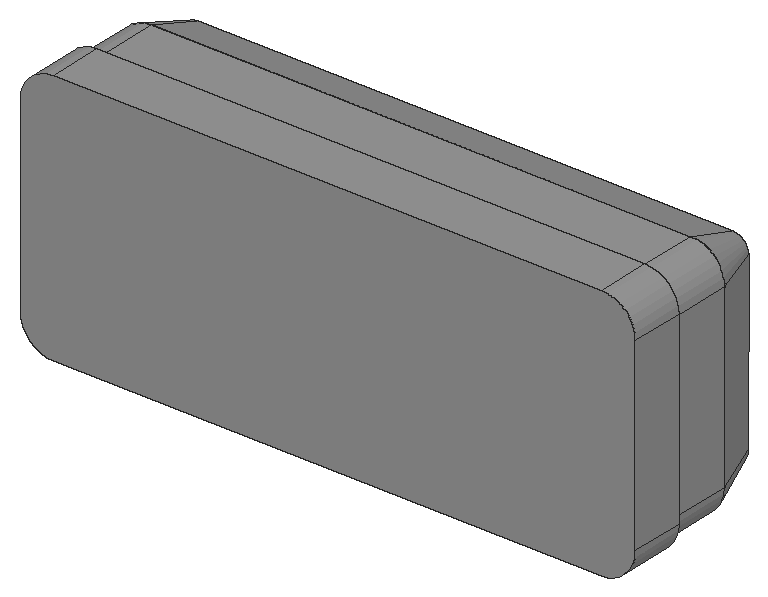
Revit family "IEK_РозеткаСетевая_ОткрытойУстановки_C ЗК 16А трехместная IP20_ОКТАВА", category Электрические приборы, Revit 2019
Family settings
  Сохранять ориентацию аннотаций = Да
  Размер круглого соединителя = Использовать диаметр
  Тип детали = Нормальный
  На основе рабочей плоскости = Нет
  Всегда вертикально = Да
  При загрузке вырезать с полостями = Нет
  Общий = Нет
  Точка расчета площади = Нет
Parameters (values of type "РС23-3-ОБ")
  Ширина = 147 mm  # constant formula
  Тип монтажа = "Поверхность монтажа (открытая установка)"  # constant formula
  Степень защиты = "IP20"  # constant formula
  Изготовитель = "IEK"  # constant formula
  Дата изменения = ""
  Глубина = 40.5 mm  # constant formula
  Высота = 61 mm  # constant formula
  ΔХ [instance] = 2000 mm
  ΔY [instance] = 2000 mm
  KSI_CPr_Строительные изделия = "20.4.03.04 20.4.03.05 20.4.03.06"  # constant formula
  KSI_CMa_Строительные материалы = "01.7.14.03"  # constant formula
  IEK_Цена за единицу = 363.22
  IEK_Поиск в таблице имен = ""
  IEK_Описание = "Универсальный дизайн серии открытой установки \"ОКТАВА\" позволяет устанавливать изделия в квартирах, загородных домах, офисных и производственных помещениях."
  IEK_URL = "https://www.iek.ru/products/catalog/izdeliya_elektroustanovochnye_udliniteli_i_silovye_razemy/elektroustanovochnye_izdeliya/elektroustanovochnye_izdeliya_otkrytogo_montazha_ip20/elektroustanovochnye_izdeliya_oktava/elektroustanovochnye_izdeliya_oktava_tsvet_belyy/rozetka_3_mestnaya_dlya_otkrytoy_ustanovki_rs23_3_ob_s_zazemlyayushchim_kontaktom_16a_oktava_belyy_iek"
  ADSK_Ток [instance] = 16 A  # constant formula
  ADSK_Примечание = ""
  ADSK_Полная мощность [instance] = ADSK_Номинальная мощность / ADSK_Коэффициент мощности  # 3520 VA
  ADSK_Позиция [instance] = ""
  ADSK_Номинальная мощность [instance] = ADSK_Ток * ADSK_Напряжение * sqrt(ADSK_Количество фаз числовое) * ADSK_Коэффициент мощности  # 3520 W
  ADSK_Напряжение = 220 V
  ADSK_Наименование = "Розетка 3-местная для открытой установки РС23-3-ОБ с заземляющим контактом 16А ОКТАВА белый IEK"
  ADSK_Материал обозначение = ""
  ADSK_Материал наименование = "Пластик"  # constant formula
  ADSK_Материал = Цвет белый
  ADSK_Масса = 0.108  # constant formula
  ADSK_Марка = "ОКТАВА"  # constant formula
  ADSK_Коэффициент мощности [instance] = 1  # constant formula
  ADSK_Количество фаз числовое = 1
  ADSK_Количество фаз = 1
  ADSK_Код изделия = "ERO31-K01-16-DC"
  ADSK_Классификация нагрузок [instance] = Прочее
  ADSK_Завод-изготовитель = "IEK"  # constant formula
  ADSK_Единица измерения = "шт"  # constant formula
  ADSK_Группирование = "III ЭЛЕКТРОУСТАНОВОЧНЫЕ И ЭЛЕКТРОМОНТАЖНЫЕ ИЗДЕЛИЯ"  # constant formula
  ADSK_Версия семейства = "1.0"  # constant formula
  ADSK_Версия Revit = "2019"  # constant formula
  ADSK_URL страницы изделия = "https://www.iek.ru/products/catalog/izdeliya_elektroustanovochnye_udliniteli_i_silovye_razemy/elektroustanovochnye_izdeliya/elektroustanovochnye_izdeliya_otkrytogo_montazha_ip20/elektroustanovochnye_izdeliya_oktava/elektroustanovochnye_izdeliya_oktava_tsvet_dub/rozetka_3_mestnaya_dlya_otkrytoy_ustanovki_rs23_3_od_s_zazemlyayushchim_kontaktom_16a_oktava_dub_iek"
Types (3, lengths in mm): name | IEK_Цена за единицу | IEK_URL | ADSK_Наименование | ADSK_Материал | ADSK_Код изделия
  (no name) | 363.22 | "https://www.iek.ru/products/catalog/izdeliya_elektroustanovochnye_udliniteli_i_silovye_razemy/elektroustanovochnye_izdeliya/elektroustanovochnye_izdeliya_otkrytogo_montazha_ip20/elektroustanovochnye_izdeliya_oktava/elektroustanovochnye_izdeliya_oktava_tsvet_belyy/rozetka_3_mestnaya_dlya_otkrytoy_ustanovki_rs23_3_ob_s_zazemlyayushchim_kontaktom_16a_oktava_belyy_iek" | "Розетка 3-местная для открытой установки РС23-3-ОБ с заземляющим контактом 16А ОКТАВА белый IEK" | Цвет белый | "ERO31-K01-16-DC"
  РС23-3-ОБ | 363.22 | "https://www.iek.ru/products/catalog/izdeliya_elektroustanovochnye_udliniteli_i_silovye_razemy/elektroustanovochnye_izdeliya/elektroustanovochnye_izdeliya_otkrytogo_montazha_ip20/elektroustanovochnye_izdeliya_oktava/elektroustanovochnye_izdeliya_oktava_tsvet_belyy/rozetka_3_mestnaya_dlya_otkrytoy_ustanovki_rs23_3_ob_s_zazemlyayushchim_kontaktom_16a_oktava_belyy_iek" | "Розетка 3-местная для открытой установки РС23-3-ОБ с заземляющим контактом 16А ОКТАВА белый IEK" | Цвет белый | "ERO31-K01-16-DC"
  РС23-3-ОД | 548.6 | "https://www.iek.ru/products/catalog/izdeliya_elektroustanovochnye_udliniteli_i_silovye_razemy/elektroustanovochnye_izdeliya/elektroustanovochnye_izdeliya_otkrytogo_montazha_ip20/elektroustanovochnye_izdeliya_oktava/elektroustanovochnye_izdeliya_oktava_tsvet_dub/rozetka_3_mestnaya_dlya_otkrytoy_ustanovki_rs23_3_od_s_zazemlyayushchim_kontaktom_16a_oktava_dub_iek" | "Розетка 3-местная для открытой установки РС23-3-ОД с заземляющим контактом 16А ОКТАВА дуб IEK" | Цвет дуб | "ERO31-K04-16-DC"
Reference planes
  plane 1 "По центру (Вперед/Назад)": y = 0
  plane 2: z = 0
  plane 3 "По центру (Влево/Вправо)": x = 0
  plane 4 "Высота ножек": z = 280
  plane 5 "Высота": z = 2081.496
  plane 6: x = -2000
  plane 7: y = 2000
Forms (mm)
  Extrusion 1, void
    sketch origin (20.015, -0.004, 30.506) x (-0.000131, 0.000119, -1) y (-1, 0, 0.000131)
      loop
        circle (0, 20) r 19.5
      loop
        circle (0, -22.995) r 19.5
      loop
        circle (0, 62.995) r 19.5
    from 24 to 41
  Extrusion 2, solid, material "Цвет белый" <- "ADSK_Материал", detail levels fine
    sketch origin (0.015, -0.004, 30.509) x (-0.000131, 0.000119, -1) y (-1, 0, 0.000131)
      loop
        line (-30.5, 65.537) -> (-30.5, -65.534)
        arc (-30.5, -65.534) -> (-28.167, -71.167) -> (-22.534, -73.5) r 7.966
        line (-22.534, -73.5) -> (22.505, -73.5)
        arc (22.505, -73.5) -> (28.158, -71.158) -> (30.5, -65.505) r 7.995
        line (30.5, -65.505) -> (30.5, 65.494)
        arc (30.5, 65.494) -> (28.155, 71.155) -> (22.494, 73.5) r 8.006
        line (22.494, 73.5) -> (-22.537, 73.5)
        arc (-22.537, 73.5) -> (-28.168, 71.168) -> (-30.5, 65.537) r 7.963
    from 0 to 13
  Extrusion 3, solid, material "Цвет белый" <- "ADSK_Материал", detail levels fine
    sketch origin (0.015, -0.004, 30.509) x (-0.000131, 0.000119, -1) y (-1, 0, 0.000131)
      loop
        line (-29.5, 64.48) -> (-29.5, -64.519)
        arc (-29.5, -64.519) -> (-27.163, -70.163) -> (-21.519, -72.5) r 7.981
        line (-21.519, -72.5) -> (21.5, -72.5)
        arc (21.5, -72.5) -> (27.157, -70.157) -> (29.5, -64.5) r 8
        line (29.5, -64.5) -> (29.5, 64.48)
        arc (29.5, 64.48) -> (27.151, 70.151) -> (21.48, 72.5) r 8.02
        line (21.48, 72.5) -> (-21.48, 72.5)
        arc (-21.48, 72.5) -> (-27.151, 70.151) -> (-29.5, 64.48) r 8.02
    from 13 to 28
  Blend 4, solid, material "Цвет белый" <- "ADSK_Материал", detail levels fine
    base sketch origin (0.015, -0.004, 30.509) x (-0.000131, 0.000119, -1) y (-1, 0, 0.000131)
      loop
        line (-29.5, 64.5) -> (-29.5, -64.5)
        arc (-29.5, -64.5) -> (-27.157, -70.157) -> (-21.5, -72.5) r 8
        line (-21.5, -72.5) -> (21.5, -72.5)
        arc (21.5, -72.5) -> (27.157, -70.157) -> (29.5, -64.5) r 8
        line (29.5, -64.5) -> (29.5, 64.5)
        arc (29.5, 64.5) -> (27.157, 70.157) -> (21.5, 72.5) r 8
        line (21.5, 72.5) -> (-21.5, 72.5)
        arc (-21.5, 72.5) -> (-27.157, 70.157) -> (-29.5, 64.5) r 8
    top sketch origin (0.015, -0.004, 30.509) x (-0.000131, 0.000119, -1) y (-1, 0, 0.000131)
      loop
        line (-24.783, 63.968) -> (-24.783, -63.997)
        arc (-24.783, -63.997) -> (-23.679, -66.664) -> (-21.011, -67.768) r 3.772
        line (-21.011, -67.768) -> (20.953, -67.768)
        arc (20.953, -67.768) -> (23.64, -66.655) -> (24.753, -63.968) r 3.8
        line (24.753, -63.968) -> (24.753, 63.968)
        arc (24.753, 63.968) -> (23.64, 66.655) -> (20.953, 67.768) r 3.8
        line (20.953, 67.768) -> (-20.983, 67.768)
        arc (-20.983, 67.768) -> (-23.67, 66.655) -> (-24.783, 63.968) r 3.8
    from 28 to 41
  Extrusion 5, void
    sketch origin (0.015, -0.004, 30.509) x (-0.000131, 0.000119, -1) y (-1, 0, 0.000131)
      loop
        arc (-22.783, -63.768) -> (-22.197, -65.183) -> (-20.783, -65.768) r 2
        line (-20.783, -65.768) -> (20.753, -65.768)
        arc (20.753, -65.768) -> (22.168, -65.183) -> (22.753, -63.768) r 2
        line (22.753, -63.768) -> (22.753, 63.768)
        arc (22.753, 63.768) -> (22.168, 65.183) -> (20.753, 65.768) r 2
        line (20.753, 65.768) -> (-20.783, 65.768)
        arc (-20.783, 65.768) -> (-22.197, 65.183) -> (-22.783, 63.768) r 2
        line (-22.783, 63.768) -> (-22.783, -63.768)
      loop
        circle (0, 0) r 20.5
      loop
        circle (0, -43.037) r 20.5
      loop
        circle (0, 43.037) r 20.5
    from 40.5 to 41
  Extrusion 6, void
    sketch origin (20.005, -0.004, 30.506) x (-0.000131, 0.000119, -1) y (-1, 0, 0.000131)
      loop
        circle (-9.525, -23.047) r 2.758
      loop
        circle (9.525, -23.047) r 2.758
      loop
        circle (-9.525, 19.99) r 2.758
      loop
        circle (9.525, 19.99) r 2.758
      loop
        circle (-9.525, 63.027) r 2.758
      loop
        circle (9.525, 63.027) r 2.758
    from 31.537 to 22
  Extrusion 7, solid, material "Латунь", detail levels fine
    sketch origin (0.015, -0.004, 30.509) x (-1, 0, 0.000131) y (0, 1, 0.000119)
      loop
        line (62.047, 24.025) -> (62.874, 23.198) -> (58.485, 32.61)
        arc (58.485, 32.61) -> (58.315, 33.717) -> (58.765, 34.741) r 2
        line (58.765, 34.741) -> (61.5, 38) -> (60.229, 37.108) -> (58.459, 34.998)
        arc (58.459, 34.998) -> (57.918, 33.769) -> (58.122, 32.441) r 2.4
        line (58.122, 32.441) -> (62.047, 24.025)
      loop
        line (23.942, 24.025) -> (27.867, 32.441)
        arc (27.867, 32.441) -> (28.071, 33.769) -> (27.53, 34.998) r 2.4
        line (27.53, 34.998) -> (25.76, 37.108) -> (24.489, 38) -> (27.224, 34.741)
        arc (27.224, 34.741) -> (27.675, 33.717) -> (27.505, 32.61) r 2
        line (27.505, 32.61) -> (23.115, 23.198) -> (23.942, 24.025)
      loop
        line (-62.047, 24.025) -> (-58.122, 32.441)
        arc (-58.122, 32.441) -> (-57.918, 33.769) -> (-58.459, 34.998) r 2.4
        line (-58.459, 34.998) -> (-60.229, 37.108) -> (-61.5, 38) -> (-58.765, 34.741)
        arc (-58.765, 34.741) -> (-58.315, 33.717) -> (-58.485, 32.61) r 2
        line (-58.485, 32.61) -> (-62.874, 23.198) -> (-62.047, 24.025)
      loop
        line (-23.942, 24.025) -> (-23.115, 23.198) -> (-27.505, 32.61)
        arc (-27.505, 32.61) -> (-27.675, 33.717) -> (-27.224, 34.741) r 2
        line (-27.224, 34.741) -> (-24.489, 38) -> (-25.76, 37.108) -> (-27.53, 34.998)
        arc (-27.53, 34.998) -> (-28.071, 33.769) -> (-27.867, 32.441) r 2.4
        line (-27.867, 32.441) -> (-23.942, 24.025)
      loop
        line (19.047, 24.025) -> (19.874, 23.198) -> (15.485, 32.61)
        arc (15.485, 32.61) -> (15.315, 33.717) -> (15.765, 34.741) r 2
        line (15.765, 34.741) -> (18.5, 38) -> (17.229, 37.108) -> (15.459, 34.998)
        arc (15.459, 34.998) -> (14.918, 33.769) -> (15.122, 32.441) r 2.4
        line (15.122, 32.441) -> (19.047, 24.025)
      loop
        line (-19.058, 24.025) -> (-15.133, 32.441)
        arc (-15.133, 32.441) -> (-14.929, 33.769) -> (-15.47, 34.998) r 2.4
        line (-15.47, 34.998) -> (-17.24, 37.108) -> (-18.511, 38) -> (-15.776, 34.741)
        arc (-15.776, 34.741) -> (-15.325, 33.717) -> (-15.495, 32.61) r 2
        line (-15.495, 32.61) -> (-19.885, 23.198) -> (-19.058, 24.025)
    from -1.515 to 1.485
  Extrusion 8, solid, detail levels coarse
    sketch origin (0, 0, 0) x (1, 0, 0) y (0, 1, 0)
      loop
        line (-73.488, -0.001) -> (73.518, -0.001) -> (73.518, 40.998) -> (-73.488, 40.998) -> (-73.488, -0.001)
    from 0 to 61.009
  Extrusion 9, solid, detail levels medium
    sketch origin (0, 0, 0) x (1, 0, 0) y (0, 1, 0)
      loop
        line (-73.488, 40.998) -> (-73.488, -0.001) -> (73.518, -0.001) -> (73.518, 40.998) -> (-73.488, 40.998)
    from 0 to 61.016
Cuts and joins
  Extrusion 1, Extrusion 5, Extrusion 6 cuts Blend 4
  Extrusion 6 cuts Extrusion 3
Lines and regions (mm)
  reference lines
    curve 1: line (0, 44.647, 0) -> (0, -55.353, 0)
    curve 2: line (-23.829, 0, 0) -> (76.171, 0, 0)
Dimensions and locks
  locked: plane 4 "Высота ножек" to plane 2 at 280
  plane 5 "Высота" to plane 4 "Высота ножек" = 1801.496 mm
  "ΔХ": plane 6 to curve 1
  "ΔY": plane 7 to curve 2
  aligned and locked: level to plane 2
  aligned and locked: nested 1 to curve 1
  aligned and locked: curve 2 to nested 1
Automatic sketch dimensions
  plane 3 "По центру (Влево/Вправо)" to Extrusion 1 sketch curve = 43.01 mm
  Extrusion 1 sketch curve to Extrusion 1 sketch curve = 0 mm  (x2)
  Extrusion 1 sketch curve to Extrusion 1 sketch curve = 42.995 mm  (x2)
  Extrusion 2 sketch curve to plane 3 "По центру (Влево/Вправо)" = 65.518 mm
  Extrusion 2 sketch curve to Extrusion 2 sketch curve = 7.963 mm
  Extrusion 2 sketch curve to Extrusion 2 sketch curve = 7.966 mm
  Extrusion 2 sketch curve to Extrusion 2 sketch curve = 45.031 mm
  Extrusion 2 sketch curve to Extrusion 2 sketch curve = 45.039 mm
  Extrusion 2 sketch curve to Extrusion 2 sketch curve = 8.006 mm
  Extrusion 2 sketch curve to Extrusion 2 sketch curve = 130.998 mm
  Extrusion 3 sketch curve to plane 3 "По центру (Влево/Вправо)" = 64.461 mm
  Extrusion 3 sketch curve to Extrusion 3 sketch curve = 7.981 mm
  Extrusion 3 sketch curve to Extrusion 3 sketch curve = 8.02 mm  (x2)
  Extrusion 3 sketch curve to Extrusion 3 sketch curve = 42.96 mm
  Extrusion 3 sketch curve to Extrusion 3 sketch curve = 43.019 mm
  Extrusion 3 sketch curve to Extrusion 3 sketch curve = 128.98 mm
  Blend 4 sketch curve to plane 3 "По центру (Влево/Вправо)" = 64.481 mm
  Blend 4 sketch curve to Blend 4 sketch curve = 8 mm  (x3)
  Blend 4 sketch curve to Blend 4 sketch curve = 43 mm  (x2)
  Blend 4 sketch curve to Blend 4 sketch curve = 129 mm
  Blend 4 sketch curve to plane 3 "По центру (Влево/Вправо)" = 63.95 mm
  Blend 4 sketch curve to Blend 4 sketch curve = 3.772 mm
  Blend 4 sketch curve to Blend 4 sketch curve = 3.8 mm  (x2)
  Blend 4 sketch curve to Blend 4 sketch curve = 41.965 mm
  Blend 4 sketch curve to Blend 4 sketch curve = 41.937 mm
  Blend 4 sketch curve to Blend 4 sketch curve = 127.937 mm
  plane 3 "По центру (Влево/Вправо)" to Extrusion 5 sketch curve = 63.786 mm
  Extrusion 5 sketch curve to Extrusion 5 sketch curve = 2 mm  (x3)
  Extrusion 5 sketch curve to Extrusion 5 sketch curve = 20.783 mm  (x2)
  Extrusion 5 sketch curve to Extrusion 5 sketch curve = 0 mm
  Extrusion 5 sketch curve to Extrusion 5 sketch curve = 20.753 mm  (x2)
  Extrusion 5 sketch curve to Extrusion 5 sketch curve = 20.731 mm  (x2)
  Extrusion 5 sketch curve to Extrusion 5 sketch curve = 43.037 mm  (x2)
  Extrusion 6 sketch curve to plane 3 "По центру (Влево/Вправо)" = 43.021 mm
  Extrusion 6 sketch curve to Extrusion 6 sketch curve = 0 mm  (x5)
  Extrusion 6 sketch curve to Extrusion 6 sketch curve = 19.049 mm  (x3)
  Extrusion 6 sketch curve to Extrusion 6 sketch curve = 43.037 mm  (x2)
  Extrusion 7 sketch curve to Extrusion 7 sketch curve = 0 mm  (x17)
  Extrusion 7 sketch curve to Extrusion 7 sketch curve = 0.827 mm  (x12)
  Extrusion 7 sketch curve to Extrusion 7 sketch curve = 0.547 mm
  Extrusion 7 sketch curve to Extrusion 7 sketch curve = 1.202 mm  (x3)
  Extrusion 7 sketch curve to Extrusion 7 sketch curve = 1.271 mm  (x6)
  Extrusion 7 sketch curve to Extrusion 7 sketch curve = 1.532 mm  (x5)
  Extrusion 7 sketch curve to Extrusion 7 sketch curve = 1.813 mm  (x4)
  Extrusion 7 sketch curve to Extrusion 7 sketch curve = 0.306 mm  (x6)
  Extrusion 7 sketch curve to Extrusion 7 sketch curve = 0.363 mm  (x6)
  Extrusion 7 sketch curve to Extrusion 7 sketch curve = 30.255 mm  (x3)
  Extrusion 7 sketch curve to Extrusion 7 sketch curve = 0.337 mm  (x3)
  Extrusion 7 sketch curve to Extrusion 7 sketch curve = 1.77 mm  (x3)
  Extrusion 7 sketch curve to Extrusion 7 sketch curve = 3.925 mm  (x3)
  Extrusion 7 sketch curve to Extrusion 7 sketch curve = 3.231 mm
  Extrusion 7 sketch curve to Extrusion 7 sketch curve = 5.979 mm
  Extrusion 7 sketch curve to Extrusion 7 sketch curve = 3.241 mm
  Extrusion 7 sketch curve to Extrusion 7 sketch curve = 5.989 mm
  Extrusion 7 sketch curve to Extrusion 7 sketch curve = 8.416 mm  (x6)
  Extrusion 7 sketch curve to Extrusion 7 sketch curve = 0.169 mm  (x6)
  Extrusion 7 sketch curve to Extrusion 7 sketch curve = 0.845 mm  (x6)
  Extrusion 7 sketch curve to Extrusion 7 sketch curve = 2.11 mm  (x6)
  Extrusion 7 sketch curve to Extrusion 7 sketch curve = 0.892 mm  (x6)
  Extrusion 8 sketch curve to plane 3 "По центру (Влево/Вправо)" = 73.488 mm
  plane 3 "По центру (Влево/Вправо)" to Extrusion 8 sketch curve = 73.518 mm
  plane 1 "По центру (Вперед/Назад)" to Extrusion 8 sketch curve = 0.001 mm
  Extrusion 8 sketch curve to plane 1 "По центру (Вперед/Назад)" = 40.998 mm
  plane 1 "По центру (Вперед/Назад)" to Extrusion 9 sketch curve = 0.001 mm
  Extrusion 9 sketch curve to plane 3 "По центру (Влево/Вправо)" = 73.488 mm
  plane 3 "По центру (Влево/Вправо)" to Extrusion 9 sketch curve = 73.518 mm
  Extrusion 9 sketch curve to plane 1 "По центру (Вперед/Назад)" = 40.998 mm
  curve 2 to plane 3 "По центру (Влево/Вправо)" = 23.829 mm
  plane 3 "По центру (Влево/Вправо)" to curve 2 = 76.171 mm
  plane 1 "По центру (Вперед/Назад)" to curve 1 = 55.353 mm
  curve 1 to plane 1 "По центру (Вперед/Назад)" = 44.647 mm
  radius of Extrusion 1 sketch curve = 19.5 mm  (x3)
  radius of Extrusion 5 sketch curve = 20.5 mm  (x3)
  radius of Extrusion 6 sketch curve = 2.758 mm  (x6)
Nested families
  nested 1: "УГО Розетки" at (0, 0, 0), type "2PE-O", detail levels coarse+medium
    with Количество в блоке "3Б", Блок розеток yes, IP44 no
Connectors
  electrical at (0.016, -0.004, 30.518), driven by "ADSK_Количество фаз", driven by "ADSK_Классификация нагрузок", driven by "ADSK_Напряжение", driven by "ADSK_Полная мощность", driven by "ADSK_Коэффициент мощности"
    settings: on Extrusion 2, index 1, voltage 220 V, apparent load 0 VA, apparent load phase1 3520 VA, apparent load phase2 0 VA, apparent load phase3 0 VA, power factor 1, load classification "Прочее", number of poles 1, system type 31, power factor state 1, is connector primary yes, connector utility no, sub classification motor no, connector description ""
Definition of nested family "УГО Розетки"
  Parameters (values of type "3PE-O")
    Количество в блоке [instance] = ""
    Блок розеток [instance] = no
    IP44 [instance] = no
    3PE-O = yes
    3PE-C = no
    2PE-O = no
    2PE-C = no
    2P-O = no
    2P-C = no
  Types (6, lengths in mm): name | 3PE-O | 3PE-C | 2PE-O | 2PE-C | 2P-O | 2P-C
    2P-O | no | no | no | no | yes | no
    3PE-O | yes | no | no | no | no | no
    2P-C | no | no | no | no | no | yes
    2PE-C | no | no | no | yes | no | no
    2PE-O | no | no | yes | no | no | no
    3PE-C | no | yes | no | no | no | no
  Reference planes
    plane 1: y = 0
    plane 2: x = 0
  Lines and regions (mm)
    Filled region 1, type "Цветовая область 1", visible <- "IP44"
      outline origin (0, 0, 0) x (1, 0, 0) y (0, 1, 0)
        loop
          line (-2.5, 0) -> (2.5, 0)
          arc (2.5, 0) -> (0, 2.5) -> (-2.5, 0) r 2.5
    Filled region 2, type "Цветовая область 1", visible <- "IP44", not visible
      outline origin (0, 0, 0) x (1, 0, 0) y (0, 1, 0)
        loop
          line (-2.5, 4.664) -> (2.5, 4.664)
          arc (2.5, 4.664) -> (0, 7.164) -> (-2.5, 4.664) r 2.5
    detail lines
      curve 1: line (-2.5, 0, 0) -> (2.5, 0, 0)
      curve 3: line (0, 2.5, 0) -> (0, 5, 0)
      curve 4: arc (-2.5, 0, 0) -> (0, 2.5, 0) -> (2.5, 0, 0) r 2.5
    detail lines, visible <- "3PE-C"
      curve 2: line (0, 0, 0) -> (0, 2.5, 0)
      curve 5: line (-2.5, 2.5, 0) -> (2.5, 2.5, 0)
      curve 17: line (0, 2.5, 0) -> (1.768, 4.268, 0)
      curve 18: line (0, 2.5, 0) -> (-1.768, 4.268, 0)
    detail lines, not visible
      curve 6: line (-2.5, 4.664, 0) -> (2.5, 4.664, 0)
      curve 8: line (0, 7.164, 0) -> (0, 9.664, 0)
      curve 9: arc (-2.5, 4.664, 0) -> (0, 7.164, 0) -> (2.5, 4.664, 0) r 2.5
    detail lines, visible <- "3PE-C", not visible
      curve 7: line (0, 4.664, 0) -> (0, 7.164, 0)
      curve 10: line (-2.5, 7.164, 0) -> (2.5, 7.164, 0)
      curve 23: line (0, 7.164, 0) -> (1.768, 8.932, 0)
      curve 24: line (0, 7.164, 0) -> (-1.768, 8.932, 0)
    detail lines, visible <- "3PE-O"
      curve 11: line (-2.5, 2.5, 0) -> (2.5, 2.5, 0)
      curve 19: line (0, 2.5, 0) -> (1.768, 4.268, 0)
      curve 20: line (0, 2.5, 0) -> (-1.768, 4.268, 0)
    detail lines, visible <- "3PE-O", not visible
      curve 12: line (-2.5, 7.164, 0) -> (2.5, 7.164, 0)
      curve 25: line (0, 7.164, 0) -> (1.768, 8.932, 0)
      curve 26: line (0, 7.164, 0) -> (-1.768, 8.932, 0)
    detail lines, visible <- "2PE-C"
      curve 13: line (0, 0, 0) -> (0, 2.5, 0)
      curve 22: line (-2.5, 2.5, 0) -> (2.5, 2.5, 0)
    detail lines, visible <- "2P-C"
      curve 14: line (0, 0, 0) -> (0, 2.5, 0)
    detail lines, visible <- "2PE-C", not visible
      curve 15: line (0, 4.664, 0) -> (0, 7.164, 0)
      curve 28: line (-2.5, 7.164, 0) -> (2.5, 7.164, 0)
    detail lines, visible <- "2P-C", not visible
      curve 16: line (0, 4.664, 0) -> (0, 7.164, 0)
    detail lines, visible <- "2PE-O"
      curve 21: line (-2.5, 2.5, 0) -> (2.5, 2.5, 0)
    detail lines, visible <- "2PE-O", not visible
      curve 27: line (-2.5, 7.164, 0) -> (2.5, 7.164, 0)
    reference lines
      curve 29: line (100, 9.605, 0) -> (100, -3.971, 0)
  Text (mm)
    label "3" at (1.908, 5.573, 0), shows "Количество в блоке", visible <- "Блок розеток"
    label "3" at (1.908, 10.237, 0), shows "Количество в блоке", visible <- "Блок розеток", not visible
  Dimensions and locks
    aligned and locked: Filled region 1 sketch curve to curve 4
    aligned and locked: Filled region 2 sketch curve to curve 9
